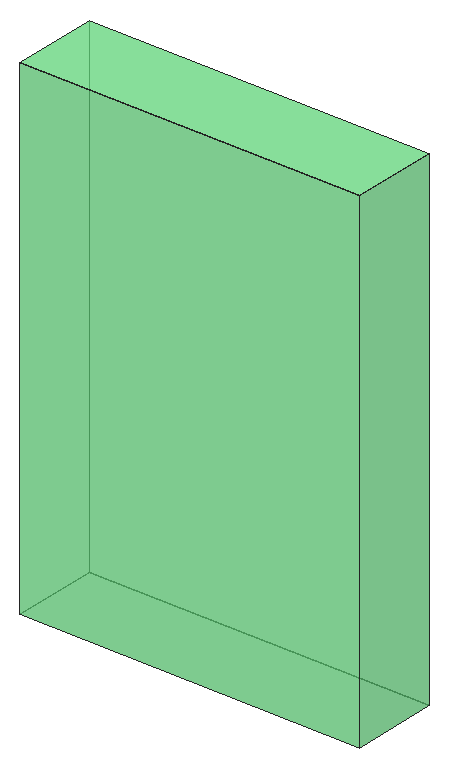
Revit family "501_MEP_Задание_Отверстие прямоугольное_Стены", category Оборудование, Revit 2018
Family settings
  Размер круглого соединителя = Использовать диаметр
  Классификация = Нет
  Тип детали = Нормальный
  На основе рабочей плоскости = Нет
  Всегда вертикально = Да
  При загрузке вырезать с полостями = Нет
  Общий = Нет
  Точка расчета площади = Нет
Parameters (values of type "СС")
  Ключевая пометка = "501_MEP"  # constant formula
  КП_Р_Ширина [instance] = Ширина + Расширение границ * 2  # 1100 mm
  КП_Р_Высота [instance] = Высота + Расширение границ * 2  # 1600 mm
  Заливка цветом = Заливка Цветная Прямоугольное Отверстие : Зеленый
  SYS_YES = 1 = 1  # yes
  SYS_WIDTH [instance] = Ширина / 2 + Расширение границ  # 550 mm
  Ширина [instance] = 1000 mm
  Толщина [instance] = 280 mm
  Расширение границ [instance] = 50 mm
  Описание = "Для плагина «Менеджер отверстий»"  # constant formula
  Комментарии к типоразмеру = "СС"
  Группа модели = "Задание на прямоугольное отверстие в стене"  # constant formula
  SYS_OFFSET_UP [instance] = 0 mm
  SYS_OFFSET_DOWN [instance] = 0 mm
  SYS_NO = 1 = 0  # no
  SYS_HEIGHT [instance] = Высота / 2 + Расширение границ  # 800 mm
  Высота [instance] = 1500 mm
Types (5, lengths in mm): name | Заливка цветом | Комментарии к типоразмеру
  ОВ | Заливка Цветная Прямоугольное Отверстие : Желтый | "ОВ"
  ВК | Заливка Цветная Прямоугольное Отверстие : Синий | "ВК"
  ЭОМ | Заливка Цветная Прямоугольное Отверстие : Красный | "ЭОМ"
  СС | Заливка Цветная Прямоугольное Отверстие : Зеленый | "СС"
  АУПТ | Заливка Цветная Прямоугольное Отверстие : Фиолетовый | "АУПТ"
Reference planes
  plane 1 "Центр (Вперед/Назад)": y = 0
  plane 2: z = 0
  plane 3 "Центр (Влево/Вправо)": x = 0
  plane 4: z = 1500
  plane 5 "Влево": x = -500
  plane 6 "Вправо": x = 500
  plane 7 "Центр (Вверх/Вниз)": z = 750
  plane 8 "Назад": y = 140
  plane 9 "Вперед": y = -140
  plane 10: x = -550
  plane 11: z = 1550
  plane 12: x = 550
  plane 13: z = -50
  plane 14: z = 0
  plane 15: z = 1500
Forms (mm)
  Extrusion 1, solid
    sketch origin (-606.998, -140, 1200) x (-1, 0, 0) y (0, 0, 1)
      loop
        line (-56.998, 350) -> (-1156.998, 350) -> (-1156.998, -1250) -> (-56.998, -1250) -> (-56.998, 350)
    from 0 to 280 <- "Толщина"
Lines and regions (mm)
  model lines, style "00"
    curve 1: line (0, 0, 1500) -> (0, 0, 0)
  model lines, style "Обмен заданиями_MEP", detail levels fine
    curve 2: line (-500, -140, 1500) -> (500, -140, 1500)
    curve 3: line (-500, -140, 0) -> (-500, -140, 1500)
    curve 4: line (500, -140, 0) -> (-500, -140, 0)
    curve 5: line (500, -140, 1500) -> (500, -140, 0)
    curve 6: line (-500, 140, 1500) -> (500, 140, 1500)
    curve 7: line (-500, 140, 0) -> (-500, 140, 1500)
    curve 8: line (500, 140, 0) -> (-500, 140, 0)
    curve 9: line (500, 140, 1500) -> (500, 140, 0)
Dimensions and locks
  equal spacing: plane 5 "Влево", plane 3 "Центр (Влево/Вправо)", plane 6 "Вправо"
  equal spacing: plane 4, plane 7 "Центр (Вверх/Вниз)", plane 2
  "Ширина": plane 5 "Влево" to plane 6 "Вправо"
  "Высота": plane 4 to plane 2
  "Толщина": plane 8 "Назад" to plane 9 "Вперед"
  equal spacing: plane 8 "Назад", plane 1 "Центр (Вперед/Назад)", plane 9 "Вперед"
  "SYS_WIDTH": plane 3 "Центр (Влево/Вправо)" to plane 10
  "SYS_WIDTH": plane 12 to plane 3 "Центр (Влево/Вправо)"
  "SYS_HEIGHT": plane 7 "Центр (Вверх/Вниз)" to plane 13
  "SYS_HEIGHT": plane 11 to plane 7 "Центр (Вверх/Вниз)"
  "SYS_OFFSET_DOWN": plane 2 to plane 14
  "SYS_OFFSET_UP": plane 15 to plane 4
  aligned and locked: level to plane 2
  aligned and locked: Extrusion 1 sketch curve to plane 10
  aligned and locked: Extrusion 1 sketch curve to plane 12
  aligned and locked: Extrusion 1 sketch curve to plane 11
  aligned and locked: Extrusion 1 sketch curve to plane 13
  aligned and locked: plane 3 "Центр (Влево/Вправо)" to nested 1
  aligned and locked: plane 1 "Центр (Вперед/Назад)" to nested 1
  aligned and locked: plane 3 "Центр (Влево/Вправо)" to nested 2
  aligned and locked: nested 2 to plane 7 "Центр (Вверх/Вниз)"
  aligned and locked: plane 15 to curve 1
  aligned and locked: plane 14 to curve 1
  aligned and locked: curve 1 to plane 3 "Центр (Влево/Вправо)"
  aligned and locked: curve 5 to plane 6 "Вправо"
  aligned and locked: plane 2 to curve 4
  aligned and locked: curve 2 to plane 4
  aligned and locked: curve 3 to plane 5 "Влево"
  aligned and locked: curve 7 to plane 5 "Влево"
  aligned and locked: plane 2 to curve 8
  aligned and locked: curve 6 to plane 4
  aligned and locked: curve 9 to plane 6 "Вправо"
Nested families
  nested 1: "Заливка Цветная Прямоугольное Отверстие" at (0, 0, 0), L <- "КП_Р_Ширина", W <- "Толщина", План <- "SYS_YES", type <- "Заливка цветом", type "Зеленый"
    with Черный (план) no, Фиолетовый (план) no, Синий (план) no, План yes, Оранжевый (план) no, Красный (план) no, Зеленый (план) yes, Желтый (план) no, Голубой (план) no, W 280 mm, L 1100 mm, AW 50 mm, AL 50 mm
  nested 2: "Заливка Цветная Прямоугольное Отверстие" at (0, 0, 750) x (1, 0, 0) z (0, -1, 0), План <- "SYS_NO", W <- "КП_Р_Высота", L <- "КП_Р_Ширина", type <- "Заливка цветом", type "Зеленый"
    with Черный (план) no, Фиолетовый (план) no, Синий (план) no, План no, Оранжевый (план) no, Красный (план) no, Зеленый (план) no, Желтый (план) no, Голубой (план) no, W 1600 mm, L 1100 mm, AW 100 mm, AL 100 mm
Definition of nested family "Заливка Цветная Прямоугольное Отверстие"
  Parameters (values of type "Зеленый")
    Черный (план) [instance] = and(Черный, План)  # no
    Черный = no
    Фиолетовый (план) [instance] = and(Фиолетовый, План)  # no
    Фиолетовый = no
    Синий (план) [instance] = and(Синий, План)  # no
    Синий = no
    План [instance] = yes
    Оранжевый (план) [instance] = and(Оранжевый, План)  # no
    Оранжевый = no
    Красный (план) [instance] = and(Красный, План)  # no
    Красный = no
    Зеленый (план) [instance] = and(Зеленый, План)  # yes
    Зеленый = yes
    Желтый (план) [instance] = and(Желтый, План)  # no
    Желтый = no
    Голубой (план) [instance] = and(Голубой, План)  # no
    Голубой = no
    L [instance] = 400 mm
    W [instance] = 200 mm
    AW [instance] = if(and(L > 500 mm, W > 500 mm), 100 mm, 50 mm)  # 50 mm
    AL [instance] = if(and(L > 500 mm, W > 500 mm), 100 mm, 50 mm)  # 50 mm
  Types (8, lengths in mm): name | Черный (план) | Черный | Фиолетовый (план) | Фиолетовый | Синий (план) | Синий | Оранжевый (план) | Оранжевый | Красный (план) | Красный | Зеленый (план) | Зеленый | Желтый (план) | Желтый | Голубой (план) | Голубой
    Красный | no | no | no | no | no | no | no | no | yes | yes | no | no | no | no | no | no
    Желтый | no | no | no | no | no | no | no | no | no | no | no | no | yes | yes | no | no
    Оранжевый | no | no | no | no | no | no | yes | yes | no | no | no | no | no | no | no | no
    Голубой | no | no | no | no | no | no | no | no | no | no | no | no | no | no | yes | yes
    Синий | no | no | no | no | yes | yes | no | no | no | no | no | no | no | no | no | no
    Фиолетовый | no | no | yes | yes | no | no | no | no | no | no | no | no | no | no | no | no
    Черный | yes | yes | no | no | no | no | no | no | no | no | no | no | no | no | no | no
    Зеленый | no | no | no | no | no | no | no | no | no | no | yes | yes | no | no | no | no
  Reference planes
    plane 1 "По центру (Вперед/Назад)": y = 0
    plane 2: z = 0
    plane 3 "По центру (Влево/Вправо)": x = 0
    plane 4: x = 200
    plane 5: x = -200
    plane 6: y = 100
    plane 7: y = -100
    plane 8: y = 50
    plane 9: x = -150
  Lines and regions (mm)
    Filled region 1, type "Черный", in view "Опорный уровень", visible <- "Черный"
      outline origin (0, 0, 0) x (1, 0, 0) y (0, 1, 0)
        loop
          line (-200, 100) -> (-200, -100) -> (-150, 50) -> (200, 100) -> (-200, 100)
    Filled region 2, type "Голубой", in view "Опорный уровень", visible <- "Голубой"
      outline origin (0, 0, 0) x (1, 0, 0) y (0, 1, 0)
        loop
          line (-200, 100) -> (-200, -100) -> (-150, 50) -> (200, 100) -> (-200, 100)
    Filled region 3, type "Желтый", in view "Опорный уровень", visible <- "Желтый"
      outline origin (0, 0, 0) x (1, 0, 0) y (0, 1, 0)
        loop
          line (-200, 100) -> (-200, -100) -> (-150, 50) -> (200, 100) -> (-200, 100)
    Filled region 4, type "Зеленый", in view "Опорный уровень", visible <- "Зеленый"
      outline origin (0, 0, 0) x (1, 0, 0) y (0, 1, 0)
        loop
          line (-200, 100) -> (-200, -100) -> (-150, 50) -> (200, 100) -> (-200, 100)
    Filled region 5, type "Красный", in view "Опорный уровень", visible <- "Красный"
      outline origin (0, 0, 0) x (1, 0, 0) y (0, 1, 0)
        loop
          line (-200, 100) -> (-200, -100) -> (-150, 50) -> (200, 100) -> (-200, 100)
    Filled region 6, type "Оранжевый", in view "Опорный уровень", visible <- "Оранжевый"
      outline origin (0, 0, 0) x (1, 0, 0) y (0, 1, 0)
        loop
          line (-200, 100) -> (-200, -100) -> (-150, 50) -> (200, 100) -> (-200, 100)
    Filled region 7, type "Синий", in view "Опорный уровень", visible <- "Синий"
      outline origin (0, 0, 0) x (1, 0, 0) y (0, 1, 0)
        loop
          line (-200, 100) -> (-200, -100) -> (-150, 50) -> (200, 100) -> (-200, 100)
    Filled region 8, type "Фиолетовый", in view "Опорный уровень", visible <- "Фиолетовый"
      outline origin (0, 0, 0) x (1, 0, 0) y (0, 1, 0)
        loop
          line (-200, 100) -> (-200, -100) -> (-150, 50) -> (200, 100) -> (-200, 100)
    Filled region 9, type "Черный", in view "Опорный уровень", visible <- "Черный (план)"
      outline origin (630.409, -492.529, 0) x (1, 0, 0) y (0, 1, 0)
        loop
          line (-780.409, 542.529) -> (-830.409, 392.529) -> (-430.409, 392.529) -> (-430.409, 592.529) -> (-780.409, 542.529)
    Filled region 10, type "Голубой", in view "Опорный уровень", visible <- "Голубой (план)"
      outline origin (520, -360, 0) x (1, 0, 0) y (0, 1, 0)
        loop
          line (-670, 410) -> (-720, 260) -> (-320, 260) -> (-320, 460) -> (-670, 410)
    Filled region 11, type "Желтый", in view "Опорный уровень", visible <- "Желтый (план)"
      outline origin (500, -320, 0) x (1, 0, 0) y (0, 1, 0)
        loop
          line (-300, 420) -> (-650, 370) -> (-700, 220) -> (-300, 220) -> (-300, 420)
    Filled region 12, type "Зеленый", in view "Опорный уровень", visible <- "Зеленый (план)"
      outline origin (630.409, -492.529, 0) x (1, 0, 0) y (0, 1, 0)
        loop
          line (-430.409, 592.529) -> (-780.409, 542.529) -> (-830.409, 392.529) -> (-430.409, 392.529) -> (-430.409, 592.529)
    Filled region 13, type "Красный", in view "Опорный уровень", visible <- "Красный (план)"
      outline origin (630.409, -492.529, 0) x (1, 0, 0) y (0, 1, 0)
        loop
          line (-780.409, 542.529) -> (-830.409, 392.529) -> (-430.409, 392.529) -> (-430.409, 592.529) -> (-780.409, 542.529)
    Filled region 14, type "Оранжевый", in view "Опорный уровень", visible <- "Оранжевый (план)"
      outline origin (630.409, -492.529, 0) x (1, 0, 0) y (0, 1, 0)
        loop
          line (-830.409, 392.529) -> (-430.409, 392.529) -> (-430.409, 592.529) -> (-780.409, 542.529) -> (-830.409, 392.529)
    Filled region 15, type "Синий", in view "Опорный уровень", visible <- "Синий (план)"
      outline origin (630.409, -492.529, 0) x (1, 0, 0) y (0, 1, 0)
        loop
          line (-830.409, 392.529) -> (-430.409, 392.529) -> (-430.409, 592.529) -> (-780.409, 542.529) -> (-830.409, 392.529)
    Filled region 16, type "Фиолетовый", in view "Опорный уровень", visible <- "Фиолетовый (план)"
      outline origin (580, -340, 0) x (1, 0, 0) y (0, 1, 0)
        loop
          line (-780, 240) -> (-380, 240) -> (-380, 440) -> (-730, 390) -> (-780, 240)
  Dimensions and locks
    equal spacing: plane 5, plane 3 "По центру (Влево/Вправо)", plane 4
    equal spacing: plane 6, plane 1 "По центру (Вперед/Назад)", plane 7
    "W": plane 6 to plane 7
    "L": plane 5 to plane 4
    plane 5 to plane 3 "По центру (Влево/Вправо)" = 200 mm
    "AL": plane 5 to plane 9
    "AW": plane 6 to plane 8
    aligned and locked: plane 5 to Filled region 1 sketch curve
    aligned and locked: plane 6 to Filled region 1 sketch curve
    aligned and locked: Filled region 16 sketch curve to Filled region 8  (x2)
    aligned and locked: Filled region 16 sketch curve to plane 7
    aligned and locked: Filled region 16 sketch curve to plane 4
    aligned and locked: Filled region 15 sketch curve to Filled region 8  (x2)
    aligned and locked: Filled region 15 sketch curve to plane 4
    aligned and locked: Filled region 15 sketch curve to plane 7
    aligned and locked: Filled region 14 sketch curve to Filled region 8  (x2)
    aligned and locked: Filled region 14 sketch curve to plane 4
    aligned and locked: Filled region 14 sketch curve to plane 7
    aligned and locked: Filled region 13 sketch curve to Filled region 8  (x2)
    aligned and locked: Filled region 13 sketch curve to plane 7
    aligned and locked: Filled region 13 sketch curve to plane 4
    aligned and locked: Filled region 12 sketch curve to plane 4
    aligned and locked: Filled region 12 sketch curve to plane 7
    aligned and locked: Filled region 12 sketch curve to Filled region 8  (x2)
    aligned and locked: Filled region 11 sketch curve to plane 4
    aligned and locked: Filled region 11 sketch curve to plane 7
    aligned and locked: Filled region 11 sketch curve to Filled region 8  (x2)
    aligned and locked: Filled region 10 sketch curve to Filled region 8  (x2)
    aligned and locked: Filled region 10 sketch curve to plane 7
    aligned and locked: Filled region 10 sketch curve to plane 4
    aligned and locked: Filled region 9 sketch curve to Filled region 8  (x2)
    aligned and locked: Filled region 9 sketch curve to plane 7
    aligned and locked: Filled region 9 sketch curve to plane 4
  Automatic sketch dimensions
    Filled region 1 sketch curve to plane 8 = 0 mm
    Filled region 1 sketch curve to plane 9 = 0 mm
    Filled region 1 sketch curve to plane 4 = 0 mm
    Filled region 1 sketch curve to plane 7 = 0 mm
    Filled region 2 sketch curve to plane 5 = 0 mm
    Filled region 2 sketch curve to plane 8 = 0 mm
    Filled region 2 sketch curve to plane 9 = 0 mm
    Filled region 2 sketch curve to plane 4 = 0 mm
    Filled region 2 sketch curve to plane 7 = 0 mm
    Filled region 2 sketch curve to plane 6 = 0 mm
    Filled region 3 sketch curve to plane 5 = 0 mm
    Filled region 3 sketch curve to plane 8 = 0 mm
    Filled region 3 sketch curve to plane 9 = 0 mm
    Filled region 3 sketch curve to plane 4 = 0 mm
    Filled region 3 sketch curve to plane 7 = 0 mm
    Filled region 3 sketch curve to plane 6 = 0 mm
    Filled region 4 sketch curve to plane 5 = 0 mm
    Filled region 4 sketch curve to plane 8 = 0 mm
    Filled region 4 sketch curve to plane 9 = 0 mm
    Filled region 4 sketch curve to plane 4 = 0 mm
    Filled region 4 sketch curve to plane 7 = 0 mm
    Filled region 4 sketch curve to plane 6 = 0 mm
    Filled region 5 sketch curve to plane 5 = 0 mm
    Filled region 5 sketch curve to plane 8 = 0 mm
    Filled region 5 sketch curve to plane 9 = 0 mm
    Filled region 5 sketch curve to plane 4 = 0 mm
    Filled region 5 sketch curve to plane 7 = 0 mm
    Filled region 5 sketch curve to plane 6 = 0 mm
    Filled region 6 sketch curve to plane 5 = 0 mm
    Filled region 6 sketch curve to plane 8 = 0 mm
    Filled region 6 sketch curve to plane 9 = 0 mm
    Filled region 6 sketch curve to plane 4 = 0 mm
    Filled region 6 sketch curve to plane 7 = 0 mm
    Filled region 6 sketch curve to plane 6 = 0 mm
    Filled region 7 sketch curve to plane 5 = 0 mm
    Filled region 7 sketch curve to plane 8 = 0 mm
    Filled region 7 sketch curve to plane 9 = 0 mm
    Filled region 7 sketch curve to plane 4 = 0 mm
    Filled region 7 sketch curve to plane 7 = 0 mm
    Filled region 7 sketch curve to plane 6 = 0 mm
    Filled region 8 sketch curve to plane 5 = 0 mm
    Filled region 8 sketch curve to plane 8 = 0 mm
    Filled region 8 sketch curve to plane 9 = 0 mm
    Filled region 8 sketch curve to plane 4 = 0 mm
    Filled region 8 sketch curve to plane 7 = 0 mm
    Filled region 8 sketch curve to plane 6 = 0 mm
